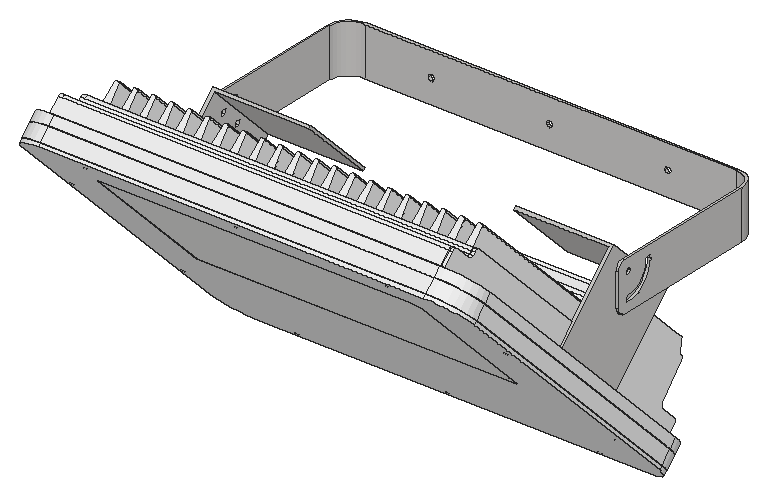
Revit family "FT ATEX LED MAX_2021", category Luminarias, Revit 2021 (continued)
Types (12, lengths in mm): name | Wattage | Power | Position | Archivo de red fotométrica | built-in parameter 1150142 | Modules | Lumens | built-in parameter 1150105 | built-in parameter 1150106 | Equiv MH
    \r\n3516.2026\t3536.073\t3548.6789\t3554.6614\t3558.08\t3558.721\t3556.798\t3554.2341\t3548.2516\t3537.7823\r\n3526.672\t3515.7753\t3504.665\t3499.7508\t3494.8366\t3490.9907\t3493.7683\t3502.3147\t3536.073\t3574.5318\r\n3622.3916\t3628.8014\t3629.4424\t3689.2672\t3774.3039\t3880.7066\t4005.9113\t4163.5924\t4379.8163\t4650.5236\r\n4913.1117\t5154.5475\t5380.5998\t5532.0847\t5537.8535\t5372.0534\t4994.7298\t4266.1492\t3270.7073\t2365.0025\r\n1632.3624\t1029.4139\t589.7016\t375.4006\t270.0662\t209.3868\t0\t0\t0\t0\r\n0\t0\t0\t0\t0\t0\t0\t0\t0\t0\r\n0\t0\t0\t0\t0\t0\t0\t0\t0\t0\r\n0\t0\t0\t0\t0\t0\t0\t0\t0\t0\r\n0\t0\t0\t0\t0\t0\t0\t0\t0\t0\r\n0\r\n3513.2114\t3544.4057\t3567.6947\t3585.8558\t3600.3847\t3612.5633\t3623.0326\t3631.3654\t3638.4161\t3639.9118\r\n3640.3391\t3639.6981\t3637.7752\t3642.6893\t3646.3216\t3652.7314\t3661.0641\t3673.8837\t3714.0518\t3756.5701\r\n3812.3354\t3847.5893\t3840.1112\t3895.6628\t3989.0322\t4102.913\t4249.6974\t4428.7445\t4683.2135\t4989.3883\r\n5336.5858\t5672.8867\t5998.2908\t6271.1347\t6371.9822\t6265.5795\t5800.4417\t4931.0591\t4005.2704\t2876.9319\r\n1893.6686\t1128.3385\t627.7331\t383.7334\t274.1258\t210.2414\t0\t0\t0\t0\r\n0\t0\t0\t0\t0\t0\t0\t0\t0\t0\r\n0\t0\t0\t0\t0\t0\t0\t0\t0\t0\r\n0\t0\t0\t0\t0\t0\t0\t0\t0\t0\r\n0\t0\t0\t0\t0\t0\t0\t0\t0\t0\r\n0\r\n3515.7753\t3558.2936\t3594.1885\t3623.0326\t3649.0991\t3671.5334\t3697.1726\t3717.4703\t3738.6227\t3752.7242\r\n3765.3302\t3776.2268\t3785.8415\t3800.1568\t3814.8993\t3829.6418\t3844.1707\t3858.4859\t3878.3563\t3948.4368\r\n4006.9796\t4058.6854\t4065.3088\t4097.9988\t4179.6169\t4294.3523\t4440.7094\t4628.0893\t4879.5671\t5241.0798\r\n5637.8464\t6074.1401\t6530.3042\t6991.5962\t7269.3542\t7283.4557\t6689.0536\t5728.4383\t4793.8894\t3405.3131\r\n2278.4702\t1373.6201\t763.8345\t435.2254\t276.9034\t209.8141\t0\t0\t0\t0\r\n0\t0\t0\t0\t0\t0\t0\t0\t0\t0\r\n0\t0\t0\t0\t0\t0\t0\t0\t0\t0\r\n0\t0\t0\t0\t0\t0\t0\t0\t0\t0\r\n0\t0\t0\t0\t0\t0\t0\t0\t0\t0\r\n0\r\n3517.0573\t3568.5493\t3617.4775\t3658.7138\t3695.2497\t3734.7768\t3772.8083\t3807.6349\t3841.1795\t3868.7416\r\n3895.4491\t3916.3878\t3938.6084\t3959.7608\t3983.6907\t4006.9796\t4028.773\t4045.4384\t4061.8903\t4112.7413\r\n4177.053\t4237.3051\t4282.3874\t4274.9093\t4328.9653\t4429.3855\t4562.923\t4739.4061\t4980.4146\t5361.3704\r\n5866.8899\t6397.1941\t7039.2424\t7703.084\t8237.4476\t8483.1566\t7981.483\t6855.7084\t5523.111\t4140.9445\r\n2709.2088\t1671.4622\t1006.1249\t595.4704\t353.821\t229.0435\t0\t0\t0\t0\r\n0\t0\t0\t0\t0\t0\t0\t0\t0\t0\r\n0\t0\t0\t0\t0\t0\t0\t0\t0\t0\r\n0\t0\t0\t0\t0\t0\t0\t0\t0\t0\r\n0\t0\t0\t0\t0\t0\t0\t0\t0\t0\r\n0\r\n3516.6299\t3579.0187\t3637.3478\t3693.3268\t3743.3232\t3796.5245\t3845.6663\t3894.1672\t3941.1724\t3983.0497\r\n4020.6539\t4056.7624\t4090.0934\t4120.6468\t4150.7728\t4180.0442\t4206.7517\t4224.0582\t4251.193\t4274.482\r\n4327.0423\t4394.5589\t4447.1192\t4446.0509\t4463.9984\t4552.8809\t4679.5813\t4852.6459\t5102.6281\t5519.0515\r\n6070.0806\t6739.0501\t7490.4923\t8329.7488\t8900.221\t9063.4572\t8747.8814\t7872.3027\t6223.0612\t4447.7602\r\n3034.8266\t1869.9523\t1155.4733\t702.9414\t421.3375\t260.6652\t0\t0\t0\t0\r\n0\t0\t0\t0\t0\t0\t0\t0\t0\t0\r\n0\t0\t0\t0\t0\t0\t0\t0\t0\t0\r\n0\t0\t0\t0\t0\t0\t0\t0\t0\t0\r\n0\t0\t0\t0\t0\t0\t0\t0\t0\t0\r\n0\r\n3515.1343\t3586.9241\t3657.0046\t3724.9484\t3790.3284\t3855.4947\t3918.7381\t3979.2038\t4035.1828\t4093.2983\r\n4143.5084\t4193.9321\t4239.4417\t4278.9688\t4315.0774\t4348.622\t4377.4661\t4398.1911\t4434.2996\t4436.8636\r\n4454.17\t4525.3188\t4582.5797\t4616.7653\t4634.0717\t4703.9386\t4842.3902\t5051.9907\t5356.2425\t5779.2893\r\n6382.8788\t7081.3334\t7804.3588\t8470.337\t8849.7972\t9047.219\t9045.7234\t8108.8243\t6372.4095\t4319.9915\r\n2927.9966\t1973.1501\t1291.1474\t811.6943\t487.1448\t293.3552\t0\t0\t0\t0\r\n0\t0\t0\t0\t0\t0\t0\t0\t0\t0\r\n0\t0\t0\t0\t0\t0\t0\t0\t0\t0\r\n0\t0\t0\t0\t0\t0\t0\t0\t0\t0\r\n0\t0\t0\t0\t0\t0\t0\t0\t0\t0\r\n0\r\n3517.6982\t3599.3164\t3677.5159\t3757.4248\t3835.6243\t3914.8922\t3992.8781\t4064.2405\t4133.039\t4203.7605\r\n4268.9268\t4329.3926\t4383.8759\t4432.163\t4472.9721\t4509.508\t4540.7023\t4567.8371\t4597.5359\t4611.8511\r\n4629.1576\t4660.3519\t4726.1592\t4781.4971\t4861.1923\t4939.3919\t5115.0204\t5379.5315\t5741.2579\t6248.273\r\n6835.4107\t7407.8059\t7840.4674\t8111.8156\t8563.9201\t8721.1739\t8054.341\t7143.5084\t5469.4823\t3655.5089\r\n2453.6714\t1718.0401\t1175.771\t779.218\t491.6317\t304.2518\t0\t0\t0\t0\r\n0\t0\t0\t0\t0\t0\t0\t0\t0\t0\r\n0\t0\t0\t0\t0\t0\t0\t0\t0\t0\r\n0\t0\t0\t0\t0\t0\t0\t0\t0\t0\r\n0\t0\t0\t0\t0\t0\t0\t0\t0\t0\r\n0\r\n3511.7158\t3602.7349\t3689.2672\t3781.3547\t3874.7241\t3966.3842\t4055.4805\t4142.0128\t4224.9128\t4303.7534\r\n4377.2524\t4448.6149\t4512.2855\t4570.1874\t4622.1068\t4665.6934\t4697.5288\t4735.5602\t4774.019\t4790.0435\r\n4807.7773\t4828.9297\t4884.4813\t4979.7736\t5096.0047\t5268.4283\t5480.5927\t5802.5783\t6238.4447\t6734.9905\r\n7181.7536\t7507.5851\t7790.6846\t8132.3269\t8116.0888\t7186.2404\t6250.196\t5280.6069\t3848.4439\t2589.1319\r\n1779.3605\t1256.9618\t885.8344\t611.9222\t414.0731\t251.9051\t0\t0\t0\t0\r\n0\t0\t0\t0\t0\t0\t0\t0\t0\t0\r\n0\t0\t0\t0\t0\t0\t0\t0\t0\t0\r\n0\t0\t0\t0\t0\t0\t0\t0\t0\t0\r\n0\t0\t0\t0\t0\t0\t0\t0\t0\t0\r\n0\r\n3505.7333\t3605.0852\t3700.5912\t3804.43\t3909.337\t4013.1758\t4116.8009\t4217.0074\t4312.5134\t4400.5414\r\n4484.7234\t4563.7776\t4633.0034\t4698.8107\t4757.3536\t4809.2729\t4849.8683\t4896.2326\t4937.2553\t4969.0906\r\n4994.7298\t5030.411\t5098.5686\t5223.1324\t5405.3843\t5637.4191\t5935.0475\t6332.4551\t6774.9449\t7165.9427\r\n7425.967\t7681.718\t7986.3971\t7935.5461\t6855.7084\t5597.251\t4367.8514\t3151.485\t2197.9204\t1537.4974\r\n1091.1616\t771.0989\t543.551\t383.947\t275.6214\t193.3623\t0\t0\t0\t0\r\n0\t0\t0\t0\t0\t0\t0\t0\t0\t0\r\n0\t0\t0\t0\t0\t0\t0\t0\t0\t0\r\n0\t0\t0\t0\t0\t0\t0\t0\t0\t0\r\n0\t0\t0\t0\t0\t0\t0\t0\t0\t0\r\n0\r\n3498.4688\t3606.5808\t3710.4196\t3822.8047\t3938.6084\t4055.9078\t4171.0705\t4285.3786\t4391.7813\t4491.5605\r\n4584.289\t4670.8213\t4749.4481\t4819.7423\t4887.2588\t4943.6651\t4990.243\t5048.1448\t5088.3129\t5139.164\r\n5178.6911\t5244.4984\t5355.3879\t5525.8886\t5754.5048\t6046.3643\t6418.3464\t6839.2566\t7226.1949\t7495.4065\r\n7736.6286\t8056.9049\t8073.9977\t6953.7784\t5604.3018\t4230.8953\t2960.2593\t2042.3759\t1422.7619\t1011.6801\r\n729.2216\t523.467\t380.5285\t279.04\t211.0961\t159.3904\t0\t0\t0\t0\r\n0\t0\t0\t0\t0\t0\t0\t0\t0\t0\r\n0\t0\t0\t0\t0\t0\t0\t0\t0\t0\r\n0\t0\t0\t0\t0\t0\t0\t0\t0\t0\r\n0\t0\t0\t0\t0\t0\t0\t0\t0\t0\r\n0\r\n3503.383\t3615.5545\t3727.2987\t3848.4439\t3974.717\t4102.6993\t4228.9724\t4353.7498\t4470.8355\t4579.1611\r\n4681.5043\t4778.0786\t4864.6109\t4944.7334\t5018.4461\t5083.3987\t5137.241\t5196.6385\t5240.2252\t5297.0587\r\n5358.3791\t5461.1496\t5634.2142\t5860.9075\t6147.4255\t6508.9382\t6936.2582\t7325.5468\t7617.4063\t7855.4236\r\n8190.8698\t8383.3774\t7358.8777\t5880.1369\t4426.8215\t3037.8179\t2067.3742\t1419.1297\t1008.0479\t727.085\r\n542.6964\t396.3393\t294.4235\t227.9752\t183.5339\t149.7757\t0\t0\t0\t0\r\n0\t0\t0\t0\t0\t0\t0\t0\t0\t0\r\n0\t0\t0\t0\t0\t0\t0\t0\t0\t0\r\n0\t0\t0\t0\t0\t0\t0\t0\t0\t0\r\n0\t0\t0\t0\t0\t0\t0\t0\t0\t0\r\n0\r\n3499.7508\t3618.5458\t3736.6997\t3864.0411\t3998.0059\t4134.1073\t4269.9951\t4405.4555\t4533.2242\t4648.6006\r\n4759.7038\t4860.5513\t4957.553\t5045.7946\t5127.199\t5203.0483\t5274.8381\t5348.9781\t5403.2477\t5463.2862\r\n5529.9481\t5663.9129\t5877.7866\t6145.9299\t6482.6581\t6907.6278\t7329.6063\t7676.3765\t7928.2816\t8221.4231\r\n8589.132\t8129.9767\t6572.6089\t5104.5511\t3483.5126\t2326.3301\t1584.9299\t1117.8691\t813.6173\t604.8715\r\n473.8979\t359.1625\t264.0838\t207.6775\t170.287\t141.8702\t0\t0\t0\t0\r\n0\t0\t0\t0\t0\t0\t0\t0\t0\t0\r\n0\t0\t0\t0\t0\t0\t0\t0\t0\t0\r\n0\t0\t0\t0\t0\t0\t0\t0\t0\t0\r\n0\t0\t0\t0\t0\t0\t0\t0\t0\t0\r\n0\r\n3502.742\t3625.3829\t3748.0237\t3884.7661\t4024.2861\t4167.652\t4314.0091\t4455.452\t4588.5622\t4711.844\r\n4826.5794\t4931.4865\t5031.2657\t5123.7805\t5212.4494\t5298.9817\t5387.0096\t5474.6102\t5552.1688\t5631.0093\r\n5736.771\t5900.0072\t6117.0858\t6420.483\t6802.2934\t7252.9024\t7647.746\t7959.9033\t8234.2427\t8581.2266\r\n8673.7414\t7487.2874\t6004.2733\t4225.9811\t2762.8375\t1852.6459\t1284.7376\t934.9762\t696.9589\t524.9626\r\n418.9873\t330.3184\t249.7685\t197.8492\t163.6636\t136.9561\t0\t0\t0\t0\r\n0\t0\t0\t0\t0\t0\t0\t0\t0\t0\r\n0\t0\t0\t0\t0\t0\t0\t0\t0\t0\r\n0\t0\t0\t0\t0\t0\t0\t0\t0\t0\r\n0\t0\t0\t0\t0\t0\t0\t0\t0\t0\r\n0\r\n3498.8962\t3626.0239\t3752.5106\t3893.9535\t4038.3877\t4189.018\t4340.7166\t4486.219\t4625.098\t4754.7896\r\n4871.6617\t4981.2692\t5084.6807\t5179.7594\t5271.2059\t5363.7206\t5458.372\t5557.7239\t5651.0933\t5750.0179\r\n5888.6833\t6094.4378\t6352.5391\t6679.0116\t7081.7607\t7484.5098\t7856.0645\t8169.0764\t8483.7976\t8852.5748\r\n8546.4\t7058.8991\t5606.0111\t3655.5089\t2370.985\t1600.7407\t1128.7658\t840.5384\t625.8101\t467.9154\r\n373.4777\t294.4235\t227.1206\t184.3886\t152.9806\t129.0506\t0\t0\t0\t0\r\n0\t0\t0\t0\t0\t0\t0\t0\t0\t0\r\n0\t0\t0\t0\t0\t0\t0\t0\t0\t0\r\n0\t0\t0\t0\t0\t0\t0\t0\t0\t0\r\n0\t0\t0\t0\t0\t0\t0\t0\t0\t0\r\n0\r\n3501.2464\t3630.2971\t3759.5614\t3903.5682\t4051.8482\t4207.6064\t4363.5782\t4515.2768\t4655.8651\t4788.3343\r\n4905.6336\t5015.4548\t5117.798\t5213.5177\t5308.81\t5404.316\t5508.1548\t5613.7028\t5712.4138\t5833.1317\r\n5996.3679\t6234.3851\t6537.5687\t6907.6278\t7341.3576\t7750.0892\t8098.7823\t8383.3774\t8725.0198\t9048.7147\r\n8361.5841\t6833.9151\t5065.024\t3170.9281\t2087.4582\t1416.3521\t1011.6801\t768.3214\t552.0974\t421.3375\r\n336.3008\t267.075\t210.6688\t173.7056\t145.0751\t115.8037\t0\t0\t0\t0\r\n0\t0\t0\t0\t0\t0\t0\t0\t0\t0\r\n0\t0\t0\t0\t0\t0\t0\t0\t0\t0\r\n0\t0\t0\t0\t0\t0\t0\t0\t0\t0\r\n0\t0\t0\t0\t0\t0\t0\t0\t0\t0\r\n0\r\n3496.3322\t3627.0922\t3758.9204\t3902.4999\t4053.7712\t4211.6659\t4369.5607\t4521.6866\t4664.8388\t4798.8036\r\n4915.0346\t5024.8559\t5127.84\t5227.1919\t5323.5526\t5419.6996\t5526.1022\t5635.9235\t5741.6852\t5872.8724\r\n6055.7654\t6313.4393\t6631.5791\t7021.9359\t7472.9722\t7887.0452\t8245.1394\t8567.3387\t8949.5764\t9213.8738\r\n8340.2181\t6811.2671\t4756.9262\t2979.4887\t1979.5599\t1338.5799\t965.1022\t732.6401\t517.4845\t400.6125\r\n319.6354\t252.7598\t200.8404\t166.6548\t138.4517\t110.6759\t0\t0\t0\t0\r\n0\t0\t0\t0\t0\t0\t0\t0\t0\t0\r\n0\t0\t0\t0\t0\t0\t0\t0\t0\t0\r\n0\t0\t0\t0\t0\t0\t0\t0\t0\t0\r\n0\t0\t0\t0\t0\t0\t0\t0\t0\t0\r\n0" | "6" | 20100 lm | 1599.5 (stored number, unit not read) | 15.995 (stored number, unit not read) | 250 W
